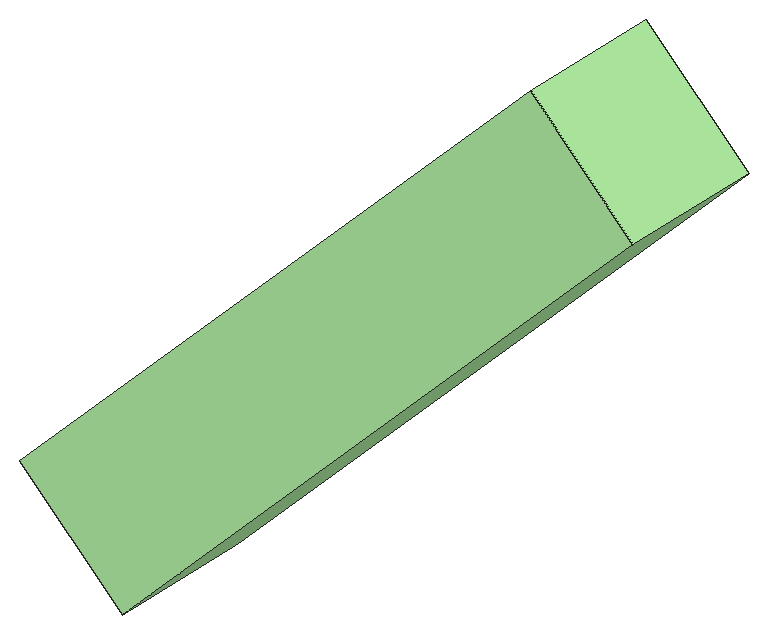
Revit family "ダクトサポート_角形鋼管(正方形)", category Generic Models, Revit 2023
Family settings
  Can host rebar = No
  Round Connector Dimension = Use Diameter
  Part Type = Normal
  Work Plane-Based = Yes
  Always vertical = No
  Cut with Voids When Loaded = No
  Maintain Annotation Orientation = No
  Shared = No
  Room Calculation Point = No
Parameters (values of type "100 x 100")
  高さ = 100 mm
  長辺 [instance] = 長さ  # 500 mm
  長さ [instance] = 500 mm
  部屋名 = ""
  角度 [instance] = 45.00°
  Default Elevation = 1219.2 mm
  構造マテリアル = E202_ダクトサポート
  幅 = 100 mm
Types (14, lengths in mm): name | 高さ | 幅
  100 x 100 | 100 | 100
  125 x 125 | 125 | 125
  150 x 150 | 150 | 150
  175 x 175 | 175 | 175
  200 x 200 | 200 | 200
  250 x 250 | 250 | 250
  300 x 300 | 300 | 300
  350 x 350 | 350 | 350
  40 x 40 | 40 | 40
  50 x 50 | 50 | 50
  60 x 60 | 60 | 60
  75 x 75 | 75 | 75
  80 x 80 | 80 | 80
  90 x 90 | 90 | 90
Reference planes
  plane 1 "中心(正面/背面)": y = 0
  plane 2: z = 0
  plane 3 "中心(左/右)": x = 0
Lines and regions (mm)
  reference lines
    curve 1: line (0, 0, 0) -> (806.102, 0, 806.102)
    curve 2: line (35.355, 0, -35.355) -> (-35.355, 0, 35.355)
    curve 3: line (388.909, 0, 318.198) -> (318.198, 0, 388.909)
Dimensions and locks
  equal spacing: curve 2, curve 1, curve 2
  "高さ": curve 2 to curve 2
  equal spacing: curve 3, curve 1, curve 3
  "高さ": curve 3 to curve 3
  "長さ": curve 2 to curve 3
  "角度": angle level to curve 1
  angle curve 2 to curve 1 = 90.00°
  angle curve 3 to curve 1 = 90.00°
  aligned and locked: level to plane 2
  aligned and locked: level to curve 1
  aligned and locked: plane 3 "中心(左/右)" to curve 1
  aligned and locked: curve 1 to nested 1
Nested families
  nested 1: "グレーチング_角形鋼管(正方形)" at (-35.355, 0, 35.355) x (0, 1, 0) z (0.7071, 0, -0.7071), 長さ <- "長さ", type "350 x 350"
    with 長辺 500 mm, 長さ 500 mm, 高さ 100 mm, 幅 100 mm
Definition of nested family "グレーチング_角形鋼管(正方形)"
  Parameters (values of type "350 x 350")
    高さ = 350 mm
    長辺 [instance] = 長さ  # 1000 mm
    長さ [instance] = 1000 mm
    部屋名 = ""
    Default Elevation = 1219.2 mm
    構造マテリアル = none
    幅 = 350 mm
  Reference planes
    plane 1 "中心(正面/背面)": y = 0
    plane 2: z = 0
    plane 3 "中心(左/右)": x = 0
    plane 4: z = 175
    plane 5: z = 350
  Forms (mm)
    Extrusion 1, solid, material <- "構造マテリアル"
      sketch origin (0, 0, 0) x (1, 0, 0) y (0, 1, 0)
        loop
          line (-175, 1000) -> (-175, 0) -> (175, 0) -> (175, 1000) -> (-175, 1000)
      from 0 to 350
  Lines and regions (mm)
    reference lines
      curve 1: line (175, 1000, 0) -> (-175, 1000, 0)
      curve 2: line (175, 0, 0) -> (-175, 0, 0)
  Dimensions and locks
    "長さ": curve 1 to curve 2
    "幅": Extrusion 1 to Extrusion 1
    equal spacing: Extrusion 1, plane 3 "中心(左/右)", Extrusion 1
    "幅": curve 1 to curve 1
    equal spacing: curve 1, plane 3 "中心(左/右)", curve 1
    "幅": curve 2 to curve 2
    equal spacing: curve 2, plane 3 "中心(左/右)", curve 2
    equal spacing: plane 5, plane 4, level
    "高さ": plane 5 to level
    aligned and locked: level to plane 2
    aligned and locked: Extrusion 1 to curve 2
    aligned and locked: curve 1 to Extrusion 1
    aligned and locked: plane 5 to Extrusion 1
  Automatic sketch dimensions
    Extrusion 1 sketch curve to plane 3 "中心(左/右)" = 175 mm
    plane 3 "中心(左/右)" to Extrusion 1 sketch curve = 175 mm
    plane 1 "中心(正面/背面)" to Extrusion 1 sketch curve = 0 mm
    Extrusion 1 sketch curve to plane 1 "中心(正面/背面)" = 1000 mm
    plane 1 "中心(正面/背面)" to curve 2 = 0 mm
